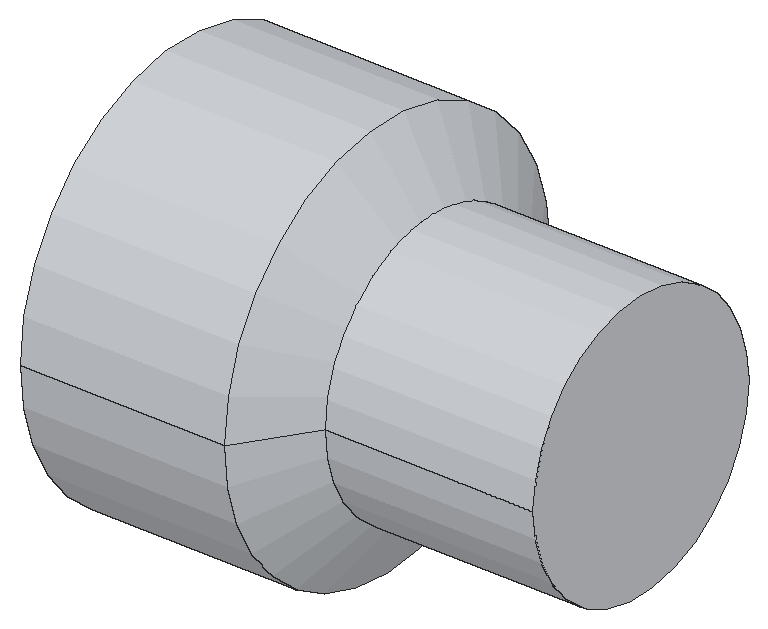
Revit family "Bucha de redução longa - PVC - CW", category Conexões de tubo, Revit 2019
Family settings
  Cota do conector redondo = Usar raio
  Tipo de parte = Transição
  Com base no plano de trabalho = Não
  Sempre na vertical = Sim
  Corte com vazios quando carregada = Não
  Compartilhado = Não
Parameters (values of type "Padrão")
  Visibilidade 3 [instance] = Diâmetro nominal 1 < Diâmetro nominal 2  # no
  Visibilidade 2 [instance] = Diâmetro nominal 1 > Diâmetro nominal 2  # yes
  Visibilidade 1 [instance] = Diâmetro nominal 1 = Diâmetro nominal 2  # no
  built-in parameter 1114242 [instance] = (empty or 0)
  Tamanho da marca de cota 2 [instance] = Diâmetro externo da conexão 2 * 0.4  # 9.80 mm
  Tamanho da marca de cota 1 [instance] = Diâmetro externo da conexão 1 * 0.4  # 14.80 mm
  Raio do anel 2 [instance] = Diâmetro do anel 2 / 2  # 13.475 mm
  Diâmetro do anel 2 [instance] = Diâmetro externo da conexão 2 * 1.1  # 26.95 mm
  Raio nominal 2 [instance] = 10.00 mm
  Diâmetro nominal 2 [instance] = Raio nominal 2 * 2  # 20.00 mm
  Model = ""
  Diâmetro nominal máx. [instance] = if(Diâmetro nominal 1 > Diâmetro nominal 2, Diâmetro nominal 1, Diâmetro nominal 2)  # 32.00 mm
  Manufacturer = ""
  Nome da tabela de pesquisa = "BR_Bush Reducing Long - PVC - CW"
  Meio comprimento [instance] = Comprimento / 2  # 20.70 mm
  Comprimento de meio acessório [instance] = size_lookup(Nome da tabela de pesquisa, "HFLgt", 0.0536 * Diâmetro nominal máx. + 0.35 mm, Diâmetro nominal 1, Diâmetro nominal 2)  # 2.05 mm
  Raio externo da conexão 2 [instance] = Diâmetro externo da conexão 2 / 2  # 12.25 mm
  Raio externo da conexão 1 [instance] = Diâmetro externo da conexão 1 / 2  # 18.50 mm
  Diâmetro externo da conexão 2 [instance] = size_lookup(Nome da tabela de pesquisa, "FOD", 1.0625 * Diâmetro nominal 2 + 2.90 mm, Diâmetro nominal 2)  # 24.50 mm
  Diâmetro externo da conexão 1 [instance] = size_lookup(Nome da tabela de pesquisa, "FOD", 1.0625 * Diâmetro nominal 1 + 2.90 mm, Diâmetro nominal 1)  # 37.00 mm
  Comprimento [instance] = size_lookup(Nome da tabela de pesquisa, "Lgt", 0.9684 * Diâmetro nominal máx. + 10.14 mm, Diâmetro nominal 1, Diâmetro nominal 2)  # 41.40 mm
  Raio nominal 1 [instance] = 16.00 mm
  Diâmetro nominal 1 [instance] = Raio nominal 1 * 2  # 32.00 mm
  Método de perda = Coeficiente K da tabela
  Tabela de coeficiente K = "Transição de contração/alargamento"
  Description = ""
  Raio do anel 1 [instance] = Diâmetro do anel 1 / 2  # 20.35 mm
  Diâmetro do anel 1 [instance] = Diâmetro externo da conexão 1 * 1.1  # 40.70 mm
Reference planes
  plane 1 "Centro (Frente/Trás)": y = 0
  plane 2: z = 0
  plane 3 "Centro (Esquerda/Direita)": x = 0
  plane 4: x = 20.7
  plane 5: x = 18.65
  plane 6: x = 22.75
  plane 7: y = 14.8
  plane 8: y = -14.8
Forms (mm)
  Sweep 1, solid, detail levels fine
    path origin (0, 0, 0) x (1, 0, 0) y (0, 1, 0)
      loop
        line (0, 0) -> (18.65, 0)
    profile origin (9.325, 0, 0) x (0, 1, 0) y (0, 0, 1)
      loop
        circle (0, 0) r 18.5
  Sweep 2, solid, detail levels fine
    path origin (0, 0, 0) x (1, 0, 0) y (0, 1, 0)
      loop
        line (22.75, 0) -> (41.75, 0)
    profile origin (32.25, 0, 0) x (0, 1, 0) y (0, 0, 1)
      loop
        circle (0, 0) r 12.25
  SweptBlend 3, solid, detail levels fine
    path origin (0, 0, 0) x (1, 0, 0) y (0, 1, 0)
      loop
        line (18.65, 0) -> (22.75, 0)
    profile origin (18.65, 0, 0) x (0, 1, 0) y (0, 0, 1)
      loop
        circle (0, 0) r 18.5
    end profile origin (22.75, 0, 0) x (0, 1, 0) y (0, 0, 1)
      loop
        circle (0, 0) r 12.25
Cuts and joins
  joined: Sweep 1, Sweep 2, SweptBlend 3
Lines and regions (mm)
  reference lines
    curve 1: line (0, 0, 0) -> (41.4, 0, 0)
  model lines, detail levels coarse+medium
    curve 2: line (0, 14.8, 0) -> (0, -14.8, 0)
    curve 8: line (41.75, 9.8, 0) -> (41.75, -9.8, 0)
  model lines, visible <- "Visibilidade 1", detail levels coarse+medium
    curve 3: line (0, 0, 0) -> (41.75, 0, 0)
  model lines, visible <- "Visibilidade 2", detail levels coarse+medium
    curve 4: line (0, 14.8, 0) -> (41.75, 0, 0)
    curve 5: line (0, -14.8, 0) -> (41.75, 0, 0)
  model lines, visible <- "Visibilidade 3", detail levels coarse+medium
    curve 6: line (41.75, 9.8, 0) -> (0, 0, 0)
    curve 7: line (41.75, -9.8, 0) -> (0, 0, 0)
Dimensions and locks
  "Comprimento de meio acessório": plane 5 to plane 4
  "Comprimento de meio acessório": plane 4 to plane 6
  equal spacing: plane 8, plane 1 "Centro (Frente/Trás)", plane 7
  "Tamanho da marca de cota 1": plane 1 "Centro (Frente/Trás)" to plane 7
  "Meio comprimento": plane 3 "Centro (Esquerda/Direita)" to plane 4
  "Comprimento": plane 3 "Centro (Esquerda/Direita)" to curve 1
  "Tamanho da marca de cota 2": plane 1 "Centro (Frente/Trás)" to curve 8
  "Tamanho da marca de cota 2": curve 8 to plane 1 "Centro (Frente/Trás)"
  "Raio externo da conexão 1": radius of Sweep 1 sketch curve
  "Raio externo da conexão 2": radius of Sweep 2 sketch curve
  "Raio externo da conexão 1": radius of SweptBlend 3 sketch curve
  "Raio externo da conexão 2": radius of SweptBlend 3 sketch curve
  aligned and locked: plane 6 to Sweep 2 sketch curve
  aligned and locked: Sweep 1 to SweptBlend 3 sketch curve
  aligned and locked: Sweep 2 to SweptBlend 3 sketch curve
  aligned and locked: curve 2 to curve 3
  aligned and locked: curve 2 to plane 3 "Centro (Esquerda/Direita)"
  aligned and locked: plane 7 to curve 2
  aligned and locked: plane 8 to curve 2
  aligned and locked: curve 8 to curve 3
Automatic sketch dimensions
  Sweep 1 sketch curve to level = 0.00 mm
  Sweep 1 sketch curve to profile plane = 0.00 mm
  plane 1 "Centro (Frente/Trás)" to Sweep 1 sketch curve = 0.00 mm
  Sweep 1 sketch curve to plane 3 "Centro (Esquerda/Direita)" = 0.00 mm
  Sweep 1 sketch curve to plane 5 = 0.00 mm
  plane 1 "Centro (Frente/Trás)" to curve 1 = 0.00 mm
  curve 1 to plane 3 "Centro (Esquerda/Direita)" = 0.00 mm
  plane 1 "Centro (Frente/Trás)" to Sweep 2 sketch curve = 0.00 mm
  Sweep 2 sketch curve to level = 0.00 mm
  Sweep 2 sketch curve to profile plane = 0.00 mm
  plane 1 "Centro (Frente/Trás)" to SweptBlend 3 sketch curve = 0.00 mm
  SweptBlend 3 sketch curve to level = 0.00 mm  (x2)
  SweptBlend 3 sketch curve to profile plane = 0.00 mm  (x2)
  Sweep 2 sketch curve to Sweep 2 sketch curve = 19.00 mm
  plane 1 "Centro (Frente/Trás)" to curve 3 = 0.00 mm
  plane 1 "Centro (Frente/Trás)" to curve 7 = 0.00 mm
  plane 6 to curve 6 = 19.00 mm
Connectors
  piping at (0, 0, 0), diameter 32, driven by "Raio nominal 1"
    settings: on cut or joined group of Sweep 1, Sweep 2, SweptBlend 3, index 1, connector inside diameter 32.00 mm, connector length 0.00 mm, flow factor 0, pipe flow 0.0 L/s, pressure drop 0.0 Pa, fitting loss kfactor 0, connector angle 0.00°, fixture units 0, engagement length 0.00 mm, angle of deflection 0.00°, flow configuration 0, flow direction 0, fitting loss method 0, system type 28, joint type 0, gender type 0, connector reference index 2, connector utility 0, adjustable connector no, is connector primary yes, connector description ""
  piping at (41.75, 0, 0), diameter 20, driven by "Raio nominal 2"
    settings: on cut or joined group of Sweep 1, Sweep 2, SweptBlend 3, index 2, connector inside diameter 20.00 mm, connector length 0.00 mm, flow factor 0, pipe flow 0.0 L/s, pressure drop 0.0 Pa, fitting loss kfactor 0, connector angle 0.00°, fixture units 0, engagement length 0.00 mm, angle of deflection 0.00°, flow configuration 0, flow direction 0, fitting loss method 0, system type 28, joint type 0, gender type 0, connector reference index 1, connector utility 0, adjustable connector no, is connector primary no, connector description ""
